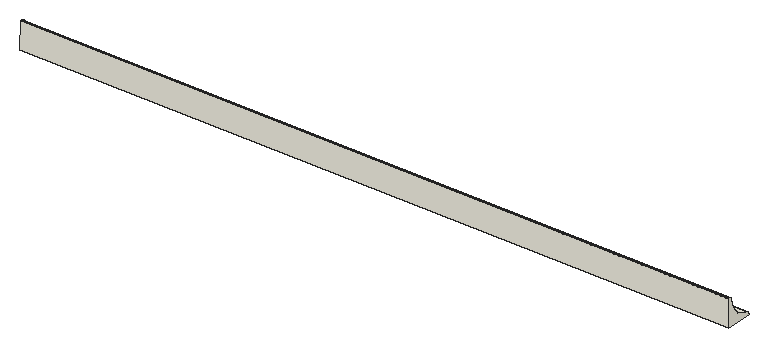
Revit family "Zócalo Z45. C-1", category Modelos genéricos, Revit 2020
Family settings
  Puede alojar armadura = No
  Cota de conector redondo = Diámetro de uso
  Tipo de pieza = Normal
  Se basa en plano de trabajo = No
  Siempre vertical = No
  Corte con vacíos al cargar = No
  Compartido = No
  Punto de cálculo de habitación = No
Parameters
  Descripción = "Pieza de hormigón polímero con anclaje de acero inoxidable."
  URL = "https://www.ulmaarchitectural.com/es-es"
  Nº filas anclajes [instance] = if(Longitud > 2600 mm, 6, if(Longitud < 660 mm, 2, Longitud / Dist. entre anclajes))  # 3
  Modelo = "Zócalo Z45"
  Material = Hormigón polímero STONEO. Color C-1
  Longitud real [instance] = if(Longitud > 2600 mm, 2600 mm, if(Longitud < 500 mm, 500 mm, Longitud))  # 1300 mm
  Longitud [instance] = 1300 mm
  Fabricante = "ULMA Architectural Solutions"
  Elevación por defecto = 0 mm
  Dist. entre anclajes [instance] = if(Longitud < 650 mm, 340 mm, 440 mm)  # 440 mm
  Dist primer anclaje [instance] = if(Longitud < 700 mm, 80 mm, 150 mm)  # 150 mm
  Código de montaje = "Z45"
  Ancho total = 145 mm
Reference planes
  plane 1 "Centro (Frontal/Posterior)": y = 0
  plane 2: z = 0
  plane 3 "Centro (Izquierda/Derecha)": x = 0
  plane 4: x = 150
Forms (mm)
  Extrusion 1, solid, material "Hormigón polímero STONEO. Color C-1" <- "Material"
    sketch origin (0, 0, 0) x (0, 1, 0) y (0, 0, 1)
      loop
        line (0, 0) -> (45, 1.571) -> (44.417, 6.322)
        arc (44.417, 6.322) -> (43.802, 7.535) -> (42.554, 8.075) r 2
        arc (42.554, 8.075) -> (16.525, 19.908) -> (5.045, 46.095) r 40
        arc (5.045, 46.095) -> (4.428, 47.447) -> (3.048, 48) r 2
        line (3.048, 48) -> (0, 48) -> (0, 0)
    from 0 to 1300
Dimensions and locks
  "Longitud real": Extrusion 1 to Extrusion 1
  "Dist primer anclaje": plane 3 "Centro (Izquierda/Derecha)" to plane 4
  nested 1 to level = 25 mm
  equal spacing: group 1, group 2, group 3  (x3)
  "Dist. entre anclajes": plane 4 to nested 2
  radius of Extrusion 1 sketch curve = 2 mm  (x2)
  angle level to Extrusion 1 sketch curve = 2.00°
  angle Extrusion 1 sketch curve to Extrusion 1 sketch curve = 85.00°
  aligned and locked: level to plane 2
  aligned and locked: Extrusion 1 sketch curve to plane 1 "Centro (Frontal/Posterior)"
  aligned and locked: plane 4 to nested 1
Automatic sketch dimensions
  Extrusion 1 sketch curve to level = 0 mm
  Extrusion 1 sketch curve to Extrusion 1 sketch curve = 0.095 mm
  level to Extrusion 1 sketch curve = 6.079 mm
  Extrusion 1 sketch curve to plane 1 "Centro (Frontal/Posterior)" = 3.048 mm
  Extrusion 1 sketch curve to Extrusion 1 sketch curve = 1.905 mm
  Extrusion 1 sketch curve to Extrusion 1 sketch curve = 0.122 mm
  Extrusion 1 sketch curve to Extrusion 1 sketch curve = 1.985 mm
  Extrusion 1 sketch curve to Extrusion 1 sketch curve = 1.863 mm
  Extrusion 1 sketch curve to plane 1 "Centro (Frontal/Posterior)" = 42.432 mm
Nested families
  nested 1: "Anclaje imposta" at (150, 0, 25) x (0, 0, 1) z (0, -1, 0), type "Anclaje inoxidable estándar", detail levels medium+fine
  nested 2: "Anclaje imposta" at (590, 0, 25) x (0, 0, 1) z (0, -1, 0), type "Anclaje inoxidable estándar", detail levels medium+fine
  nested 3: "Anclaje imposta" at (1030, 0, 25) x (0, 0, 1) z (0, -1, 0), type "Anclaje inoxidable estándar", detail levels medium+fine
Definition of nested family "Anclaje imposta"
  Parameters (values of type "Anclaje inoxidable estándar")
    URL = "https://www.ulmaarchitectural.com/es-es"
    Model = "Sujeción anclaje inoxidable estándar SPE"
    Material = none
    Manufacturer = "ULMA"
    Default Elevation = 0 mm
    Assembly Code = "901250015"
  Types (2, lengths in mm): name | Model
    Anclaje inoxidable estándar | "Sujeción anclaje inoxidable estándar SPE"
    Anclaje imposta | "Sujeción anclaje estándar SPE"
  Reference planes
    plane 1 "Centro (Frontal/Posterior)": y = 0
    plane 2: z = 0
    plane 3 "Centro (Izquierda/Derecha)": x = 0
  Dimensions and locks
    import instance to import instance = 37 mm
    aligned and locked: level to plane 2
    aligned and locked: level to import instance
